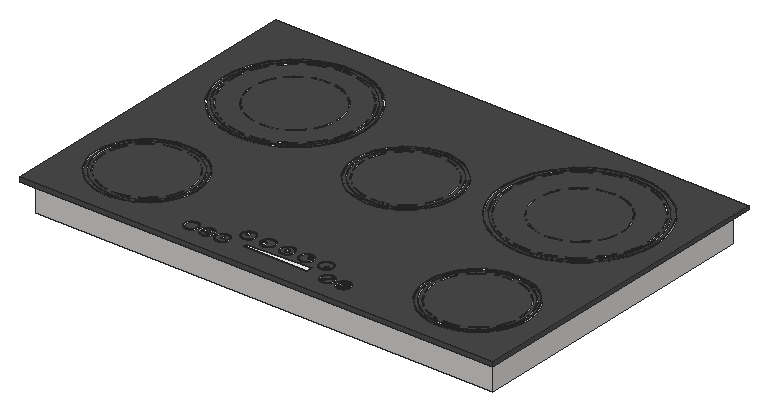
Revit family "QF_Summit_CR5B30T7B_Electric Cooktop", category Specialty Equipment, Revit 2020 (continued)
Automatic sketch dimensions
  plane 8 "Center X" to Extrusion 2 sketch curve = 0.35989"
  Extrusion 2 sketch curve to plane 7 "Center Y" = 0.41879"
  Extrusion 2 sketch curve to plane 8 "Center X" = 0.64087"
  Extrusion 2 sketch curve to Extrusion 2 sketch curve = 0.33695"  (x2)
  Extrusion 2 sketch curve to plane 8 "Center X" = 0.6677"
  Extrusion 2 sketch curve to Extrusion 2 sketch curve = 0.01601"
  plane 7 "Center Y" to Extrusion 2 sketch curve = 0.96539"
  plane 7 "Center Y" to Extrusion 2 sketch curve = 0.01071"
  Extrusion 2 sketch curve to plane 8 "Center X" = 0.85707"
  Extrusion 2 sketch curve to Extrusion 2 sketch curve = 0.0293"
  Extrusion 2 sketch curve to plane 8 "Center X" = 0.06624"
  Extrusion 2 sketch curve to plane 8 "Center X" = 0.04406"
  Extrusion 2 sketch curve to plane 8 "Center X" = 0.68519"
  Extrusion 2 sketch curve to plane 8 "Center X" = 0.65815"
  plane 8 "Center X" to Extrusion 2 sketch curve = 1.24555"
  plane 8 "Center X" to Extrusion 2 sketch curve = 1.25085"
  plane 8 "Center X" to Extrusion 2 sketch curve = 0.31449"
  plane 8 "Center X" to Extrusion 2 sketch curve = 0.33027"
  Extrusion 2 sketch curve to Extrusion 2 sketch curve = 0.97968"  (x2)
  Extrusion 2 sketch curve to Extrusion 2 sketch curve = 1.00376"  (x2)
  plane 7 "Center Y" to Extrusion 2 sketch curve = 0.02994"
  Extrusion 2 sketch curve to Extrusion 2 sketch curve = 0.40649"  (x2)
  plane 7 "Center Y" to Extrusion 2 sketch curve = 1.40684"
  Extrusion 2 sketch curve to Extrusion 2 sketch curve = 0.47086"  (x2)
  Extrusion 2 sketch curve to Extrusion 2 sketch curve = 0.01413"  (x2)
  Extrusion 2 sketch curve to Extrusion 2 sketch curve = 1.02966"
  Extrusion 2 sketch curve to Extrusion 2 sketch curve = 0.37991"
  Extrusion 2 sketch curve to Extrusion 2 sketch curve = 0.2284"
  Extrusion 2 sketch curve to Extrusion 2 sketch curve = 0.22211"  (x2)
  Extrusion 2 sketch curve to Extrusion 2 sketch curve = 0.02944"  (x2)
  Extrusion 2 sketch curve to Extrusion 2 sketch curve = 0.41338"  (x2)
  Extrusion 2 sketch curve to plane 12 = 5.48356"
  Extrusion 2 sketch curve to Extrusion 2 sketch curve = 1.84577"
  Extrusion 2 sketch curve to Extrusion 2 sketch curve = 0.20933"
  Extrusion 2 sketch curve to Extrusion 2 sketch curve = 0.32356"
  Extrusion 2 sketch curve to Extrusion 2 sketch curve = 0.03033"
  Extrusion 2 sketch curve to Extrusion 2 sketch curve = 0.19522"
  Extrusion 2 sketch curve to Extrusion 2 sketch curve = 0.02865"
  Extrusion 2 sketch curve to Extrusion 2 sketch curve = 0.27871"
  Extrusion 2 sketch curve to Extrusion 2 sketch curve = 0.02926"
  Extrusion 2 sketch curve to Extrusion 2 sketch curve = 0.02761"
  Extrusion 2 sketch curve to Extrusion 2 sketch curve = 0.03105"
  Extrusion 2 sketch curve to Extrusion 2 sketch curve = 1.51946"
  Extrusion 2 sketch curve to Extrusion 2 sketch curve = 0.01098"
  Extrusion 2 sketch curve to plane 10 = 2.5831"
  Extrusion 2 sketch curve to Extrusion 2 sketch curve = 0.75562"
  Extrusion 2 sketch curve to plane 10 = 2.56292"
  Extrusion 2 sketch curve to Extrusion 2 sketch curve = 0.02386"
  Extrusion 2 sketch curve to plane 10 = 3.46689"
  Extrusion 2 sketch curve to plane 10 = 3.45302"
  Extrusion 2 sketch curve to plane 10 = 1.61686"
  Extrusion 2 sketch curve to Extrusion 2 sketch curve = 1.15671"
  Extrusion 2 sketch curve to plane 10 = 1.58978"
  Extrusion 2 sketch curve to Extrusion 2 sketch curve = 1/64"
  Extrusion 2 sketch curve to plane 10 = 2.23507"
  Extrusion 2 sketch curve to plane 10 = 2.21296"
  Extrusion 2 sketch curve to plane 10 = 1.09417"
  Extrusion 2 sketch curve to Extrusion 2 sketch curve = 1.4509"
  Extrusion 2 sketch curve to plane 10 = 1.06337"
  Extrusion 2 sketch curve to Extrusion 2 sketch curve = 0.00525"
  Extrusion 2 sketch curve to plane 10 = 1.39759"
  Extrusion 2 sketch curve to plane 10 = 1.36895"
  Extrusion 2 sketch curve to plane 10 = 1.07171"
  Extrusion 2 sketch curve to Extrusion 2 sketch curve = 1.5222"
  Extrusion 2 sketch curve to plane 10 = 1.10246"
  Extrusion 2 sketch curve to plane 10 = 1.04045"
  Extrusion 2 sketch curve to plane 10 = 1.00926"
  Extrusion 2 sketch curve to plane 10 = 1.61391"
  Extrusion 2 sketch curve to Extrusion 2 sketch curve = 1.46074"
  Extrusion 2 sketch curve to Extrusion 2 sketch curve = 0.0159"
  Extrusion 2 sketch curve to plane 10 = 1.17956"
  Extrusion 2 sketch curve to plane 10 = 1.20955"
  Extrusion 2 sketch curve to Extrusion 2 sketch curve = 0.00881"
  Extrusion 2 sketch curve to Extrusion 2 sketch curve = 1.16694"
  Extrusion 2 sketch curve to Extrusion 2 sketch curve = 0.02406"
  Extrusion 2 sketch curve to Extrusion 2 sketch curve = 0.35815"
  Extrusion 2 sketch curve to Extrusion 2 sketch curve = 0.02238"  (x2)
  Extrusion 2 sketch curve to Extrusion 2 sketch curve = 0.19741"
  Extrusion 2 sketch curve to plane 12 = 1.33298"
  Extrusion 2 sketch curve to Extrusion 2 sketch curve = 0.29763"
  Extrusion 2 sketch curve to Extrusion 2 sketch curve = 0.026"
  Extrusion 2 sketch curve to Extrusion 2 sketch curve = 0.34736"
  Extrusion 2 sketch curve to Extrusion 2 sketch curve = 0.01734"
  Extrusion 2 sketch curve to Extrusion 2 sketch curve = 0.1639"
  Extrusion 2 sketch curve to Extrusion 2 sketch curve = 0.16933"
  Extrusion 2 sketch curve to Extrusion 2 sketch curve = 0.03042"
  Extrusion 2 sketch curve to Extrusion 2 sketch curve = 0.4627"
  Extrusion 2 sketch curve to Extrusion 2 sketch curve = 0.00152"
  Extrusion 2 sketch curve to Extrusion 2 sketch curve = 0.03104"
  Extrusion 2 sketch curve to Extrusion 2 sketch curve = 0.21075"
  Extrusion 2 sketch curve to Extrusion 2 sketch curve = 0.02932"
  Extrusion 2 sketch curve to Extrusion 2 sketch curve = 0.49233"
  Extrusion 2 sketch curve to Extrusion 2 sketch curve = 0.00363"
  Extrusion 2 sketch curve to Extrusion 2 sketch curve = 0.15379"
  Extrusion 2 sketch curve to Extrusion 2 sketch curve = 0.02803"
  plane 8 "Center X" to Extrusion 2 sketch curve = 1.36218"
  Extrusion 2 sketch curve to Extrusion 2 sketch curve = 0.56594"
  plane 8 "Center X" to Extrusion 2 sketch curve = 1.38435"
  Extrusion 2 sketch curve to Extrusion 2 sketch curve = 0.02217"
  plane 8 "Center X" to Extrusion 2 sketch curve = 1.02088"
  Extrusion 2 sketch curve to Extrusion 2 sketch curve = 0.32279"
  plane 8 "Center X" to Extrusion 2 sketch curve = 1 11/256"
  plane 8 "Center X" to Extrusion 2 sketch curve = 0.39339"
  plane 8 "Center X" to Extrusion 2 sketch curve = 0.42049"
  plane 8 "Center X" to Extrusion 2 sketch curve = 0.18426"
  Extrusion 2 sketch curve to Extrusion 2 sketch curve = 0.39751"
  plane 8 "Center X" to Extrusion 2 sketch curve = 0.21284"
  Extrusion 2 sketch curve to Extrusion 2 sketch curve = 0.01263"
  Extrusion 2 sketch curve to plane 8 "Center X" = 0.12469"
  Extrusion 2 sketch curve to plane 8 "Center X" = 0.09392"
  Extrusion 2 sketch curve to plane 8 "Center X" = 0.149"
  Extrusion 2 sketch curve to Extrusion 2 sketch curve = 0.44241"
  Extrusion 2 sketch curve to plane 8 "Center X" = 0.09403"
  Extrusion 2 sketch curve to plane 8 "Center X" = 0.1248"
  Extrusion 2 sketch curve to Extrusion 2 sketch curve = 0.00543"
  plane 8 "Center X" to Extrusion 2 sketch curve = 0.00709"
  Extrusion 2 sketch curve to Extrusion 2 sketch curve = 0.43933"
  Extrusion 2 sketch curve to plane 8 "Center X" = 0.02297"
  Extrusion 2 sketch curve to Extrusion 2 sketch curve = 0.00857"
  plane 8 "Center X" to Extrusion 2 sketch curve = 53/128"
  plane 8 "Center X" to Extrusion 2 sketch curve = 0.38691"
  plane 8 "Center X" to Extrusion 2 sketch curve = 0.66354"
  Extrusion 2 sketch curve to Extrusion 2 sketch curve = 0.38837"
  plane 8 "Center X" to Extrusion 2 sketch curve = 0.63817"
  Extrusion 2 sketch curve to Extrusion 2 sketch curve = 0.01825"
  plane 8 "Center X" to Extrusion 2 sketch curve = 1.39617"
  plane 8 "Center X" to Extrusion 2 sketch curve = 1.37399"
  plane 8 "Center X" to Extrusion 2 sketch curve = 1.77061"
  Extrusion 2 sketch curve to Extrusion 2 sketch curve = 0.28259"
  plane 8 "Center X" to Extrusion 2 sketch curve = 1.75315"
  Extrusion 2 sketch curve to Extrusion 2 sketch curve = 0.02592"
  plane 8 "Center X" to Extrusion 2 sketch curve = 2.73176"
  plane 8 "Center X" to Extrusion 2 sketch curve = 2.72116"
  Extrusion 2 sketch curve to Extrusion 2 sketch curve = 1.58055"
  plane 8 "Center X" to Extrusion 2 sketch curve = 4.70503"
  plane 8 "Center X" to Extrusion 2 sketch curve = 4.71065"
  Extrusion 2 sketch curve to Extrusion 2 sketch curve = 0.1149"
  plane 8 "Center X" to Extrusion 2 sketch curve = 2.12419"
  Extrusion 2 sketch curve to Extrusion 2 sketch curve = 0.82307"
  plane 8 "Center X" to Extrusion 2 sketch curve = 2.10015"
  plane 8 "Center X" to Extrusion 2 sketch curve = 2.88316"
  plane 8 "Center X" to Extrusion 2 sketch curve = 2.86784"
  Extrusion 2 sketch curve to Extrusion 2 sketch curve = 1.26922"
  Extrusion 2 sketch curve to Extrusion 2 sketch curve = 1.40691"
  Extrusion 2 sketch curve to Extrusion 2 sketch curve = 1.17944"
  Extrusion 2 sketch curve to Extrusion 2 sketch curve = 0.43496"
  Extrusion 2 sketch curve to Extrusion 2 sketch curve = 0.0155"
  Extrusion 2 sketch curve to Extrusion 2 sketch curve = 0.62693"
  Extrusion 2 sketch curve to Extrusion 2 sketch curve = 0.28837"
  Extrusion 2 sketch curve to Extrusion 2 sketch curve = 0.06767"
  Extrusion 2 sketch curve to Extrusion 2 sketch curve = 0.14583"
  Extrusion 2 sketch curve to Extrusion 2 sketch curve = 0.02924"
  Extrusion 2 sketch curve to Extrusion 2 sketch curve = 0.144"
  Extrusion 2 sketch curve to Extrusion 2 sketch curve = 0.6468"
  Extrusion 2 sketch curve to Extrusion 2 sketch curve = 1.18137"
  Extrusion 2 sketch curve to Extrusion 2 sketch curve = 0.02433"
  Extrusion 2 sketch curve to Extrusion 2 sketch curve = 0.31105"
  Extrusion 2 sketch curve to Extrusion 2 sketch curve = 0.92879"
  Extrusion 2 sketch curve to Extrusion 2 sketch curve = 0.00512"
  Extrusion 2 sketch curve to Extrusion 2 sketch curve = 0.59601"
  Extrusion 2 sketch curve to Extrusion 2 sketch curve = 0.38206"
  Extrusion 2 sketch curve to plane 10 = 2.86158"
  Extrusion 2 sketch curve to Extrusion 2 sketch curve = 1.01341"
  Extrusion 2 sketch curve to plane 10 = 2.8323"
  Extrusion 2 sketch curve to plane 10 = 3.04902"
  Extrusion 2 sketch curve to plane 10 = 3.02189"
  Extrusion 2 sketch curve to plane 10 = 3.67913"
  Extrusion 2 sketch curve to plane 10 = 3.65924"
  Extrusion 2 sketch curve to plane 12 = 4.02721"
  Extrusion 2 sketch curve to plane 12 = 0.77721"
  Extrusion 2 sketch curve to Extrusion 2 sketch curve = 0.56726"
  Extrusion 2 sketch curve to Extrusion 2 sketch curve = 2.13783"
  Extrusion 2 sketch curve to Extrusion 2 sketch curve = 0.0089"
  Extrusion 2 sketch curve to Extrusion 2 sketch curve = 0.30898"
  Extrusion 2 sketch curve to Extrusion 2 sketch curve = 0.44536"
  Extrusion 2 sketch curve to Extrusion 2 sketch curve = 0.0053"
  Extrusion 2 sketch curve to Extrusion 2 sketch curve = 0.24103"
  Extrusion 2 sketch curve to Extrusion 2 sketch curve = 0.71347"
  Extrusion 2 sketch curve to Extrusion 2 sketch curve = 0.01567"
  Extrusion 2 sketch curve to Extrusion 2 sketch curve = 0.37433"
  Extrusion 2 sketch curve to Extrusion 2 sketch curve = 0.41133"
  Extrusion 2 sketch curve to Extrusion 2 sketch curve = 0.94381"
  Extrusion 2 sketch curve to plane 9 = 1.72411"
  Extrusion 2 sketch curve to plane 9 = 1.70191"
  Extrusion 2 sketch curve to plane 9 = 2.50315"
  Extrusion 2 sketch curve to plane 9 = 2.48788"
  Extrusion 2 sketch curve to plane 9 = 2.90103"
  Extrusion 2 sketch curve to plane 9 = 2.89029"
  Extrusion 2 sketch curve to Extrusion 2 sketch curve = 0.37929"
  Extrusion 2 sketch curve to plane 9 = 4.30796"
  Extrusion 2 sketch curve to Extrusion 2 sketch curve = 0.03919"
  Extrusion 2 sketch curve to plane 9 = 4.31324"
  Extrusion 2 sketch curve to Extrusion 2 sketch curve = 1.41554"
  curve 5 to curve 7 = 0"  (x2)
  curve 5 to curve 9 = 0"  (x2)
  curve 5 to curve 11 = 0"  (x2)
  curve 5 to curve 13 = 0"  (x2)
  curve 5 to curve 15 = 0"  (x2)
  curve 5 to curve 17 = 0"  (x2)
  curve 5 to curve 19 = 0"  (x2)
  curve 5 to curve 21 = 0"  (x2)
  curve 5 to curve 23 = 0"  (x2)
  curve 5 to curve 25 = 0"  (x2)
  curve 5 to curve 27 = 0"  (x2)
  curve 5 to curve 29 = 0"  (x2)
  curve 5 to curve 31 = 0"  (x2)
  curve 5 to curve 33 = 0"  (x2)
  curve 5 to curve 35 = 0"  (x2)
  curve 5 to curve 37 = 0"  (x2)
  curve 5 to curve 39 = 0"  (x2)
  curve 5 to curve 41 = 0"  (x2)
  curve 5 to curve 43 = 0"  (x2)
  curve 5 to curve 45 = 0"  (x2)
  curve 5 to curve 47 = 0"  (x2)
  curve 5 to curve 49 = 0"  (x2)
  curve 5 to curve 51 = 0"
  curve 5 to curve 53 = 0"  (x2)
  curve 5 to curve 55 = 0"  (x2)
  curve 5 to curve 57 = 0"  (x2)
  curve 5 to curve 59 = 0"  (x2)
  curve 5 to curve 61 = 0"  (x2)
  curve 5 to curve 63 = 0"  (x2)
  curve 5 to curve 65 = 0"  (x2)
  curve 5 to curve 67 = 0"  (x2)
  curve 5 to curve 69 = 0"  (x2)
  curve 5 to curve 71 = 0"  (x2)
  curve 5 to curve 73 = 0"  (x2)
  curve 5 to curve 75 = 0"  (x2)
  curve 5 to curve 77 = 0"  (x2)
  curve 5 to curve 79 = 0"  (x2)
  curve 5 to curve 81 = 0"
  curve 5 to curve 83 = 0"
  curve 5 to curve 85 = 0"
  curve 5 to curve 87 = 0"
  curve 5 to curve 89 = 0"
  curve 5 to curve 91 = 0"
  curve 5 to curve 93 = 0"
  curve 5 to curve 95 = 0"
  curve 5 to curve 97 = 0"
  curve 5 to curve 99 = 0"
  curve 5 to curve 101 = 0"
  curve 5 to curve 103 = 0"
  curve 5 to curve 105 = 0"
  curve 5 to curve 107 = 0"
  curve 5 to curve 109 = 0"
  curve 5 to curve 111 = 0"
  curve 5 to curve 113 = 0"
  curve 5 to curve 115 = 0"
  curve 5 to curve 117 = 0"
  curve 5 to curve 119 = 0"
  curve 5 to curve 121 = 0"
  curve 5 to curve 123 = 0"
  curve 5 to curve 125 = 0"
  curve 5 to curve 127 = 0"
  curve 79 to curve 123 = 0"
  curve 81 to curve 83 = 0"
  curve 81 to curve 85 = 0"
  curve 81 to curve 87 = 0"
  curve 81 to curve 89 = 0"
  curve 81 to curve 91 = 0"
  curve 81 to curve 93 = 0"
  curve 81 to curve 95 = 0"
  curve 81 to curve 97 = 0"
  curve 81 to curve 99 = 0"
  curve 81 to curve 101 = 0"
  curve 81 to curve 105 = 0"
  curve 81 to curve 107 = 0"
  curve 81 to curve 109 = 0"
  curve 81 to curve 111 = 0"
  curve 81 to curve 113 = 0"
  curve 81 to curve 115 = 0"
  curve 81 to curve 117 = 0"
  curve 81 to curve 119 = 0"
  curve 81 to curve 121 = 0"
  curve 81 to curve 123 = 0"
  curve 81 to curve 125 = 0"
  curve 81 to curve 127 = 0"
  curve 129 to curve 131 = 0"  (x2)
  curve 129 to curve 133 = 0"
  curve 129 to curve 135 = 0"
  curve 129 to curve 137 = 0"
  curve 129 to curve 139 = 0"
  curve 129 to curve 141 = 0"
  curve 129 to curve 143 = 0"
  curve 129 to curve 145 = 0"
  curve 129 to curve 147 = 0"
  curve 129 to curve 149 = 0"
  curve 129 to curve 151 = 0"
  curve 129 to curve 153 = 0"
  curve 129 to curve 155 = 0"
  curve 129 to curve 157 = 0"
  curve 129 to curve 159 = 0"
  curve 129 to curve 161 = 0"
  curve 129 to curve 163 = 0"
  curve 129 to curve 165 = 0"
  curve 129 to curve 167 = 0"
  curve 129 to curve 169 = 0"
  curve 129 to curve 171 = 0"
  curve 129 to curve 173 = 0"
  curve 129 to curve 175 = 0"
  curve 129 to curve 177 = 0"
  curve 129 to curve 179 = 0"
  curve 129 to curve 181 = 0"
  curve 129 to curve 183 = 0"
  curve 129 to curve 185 = 0"
  curve 129 to curve 187 = 0"
  curve 129 to curve 189 = 0"
  curve 129 to curve 191 = 0"
  curve 129 to curve 193 = 0"
  curve 129 to curve 195 = 0"
  curve 129 to curve 197 = 0"
  curve 129 to curve 199 = 0"
  curve 129 to curve 201 = 0"
  curve 129 to curve 203 = 0"
  curve 129 to curve 205 = 0"
  curve 129 to curve 207 = 0"
  curve 129 to curve 209 = 0"  (x2)
  curve 129 to curve 211 = 0"  (x2)
  curve 129 to curve 213 = 0"  (x2)
  curve 129 to curve 215 = 0"  (x2)
  curve 129 to curve 217 = 0"  (x2)
  curve 129 to curve 219 = 0"  (x2)
  curve 129 to curve 221 = 0"  (x2)
  curve 129 to curve 223 = 0"  (x2)
  curve 129 to curve 225 = 0"  (x2)
  curve 129 to curve 227 = 0"  (x2)
  curve 129 to curve 229 = 0"  (x2)
  curve 129 to curve 231 = 0"
  curve 129 to curve 233 = 0"  (x2)
  curve 129 to curve 235 = 0"  (x2)
  curve 129 to curve 237 = 0"  (x2)
  curve 129 to curve 239 = 0"  (x2)
  curve 129 to curve 241 = 0"  (x2)
  curve 129 to curve 243 = 0"  (x2)
  curve 129 to curve 245 = 0"  (x2)
  curve 129 to curve 247 = 0"  (x2)
  curve 129 to curve 249 = 0"  (x2)
  curve 129 to curve 251 = 0"  (x2)
  curve 129 to curve 253 = 0"  (x2)
  curve 129 to curve 255 = 0"  (x2)
  curve 133 to curve 135 = 0"
  curve 133 to curve 137 = 0"
  curve 133 to curve 139 = 0"
  curve 133 to curve 141 = 0"
  curve 133 to curve 143 = 0"
  curve 133 to curve 145 = 0"
  curve 133 to curve 147 = 0"
  curve 133 to curve 149 = 0"
  curve 133 to curve 151 = 0"
  curve 133 to curve 153 = 0"
  curve 133 to curve 155 = 0"
  curve 133 to curve 157 = 0"
  curve 133 to curve 159 = 0"
  curve 133 to curve 161 = 0"
  curve 133 to curve 163 = 0"
  curve 133 to curve 165 = 0"
  curve 133 to curve 167 = 0"
  curve 133 to curve 169 = 0"
  curve 133 to curve 171 = 0"
  curve 133 to curve 173 = 0"
  curve 133 to curve 175 = 0"
  curve 133 to curve 177 = 0"
  curve 133 to curve 179 = 0"
  curve 133 to curve 181 = 0"
  curve 133 to curve 183 = 0"
  curve 133 to curve 185 = 0"
  curve 133 to curve 187 = 0"
  curve 133 to curve 189 = 0"
  curve 133 to curve 191 = 0"
  curve 133 to curve 193 = 0"
  curve 133 to curve 195 = 0"
  curve 133 to curve 197 = 0"
  curve 133 to curve 199 = 0"
  curve 133 to curve 201 = 0"
  curve 133 to curve 203 = 0"
  curve 133 to curve 205 = 0"
  curve 133 to curve 207 = 0"
  curve 207 to curve 253 = 0"
  curve 257 to curve 259 = 0"  (x2)
  curve 257 to curve 261 = 0"  (x2)
  curve 257 to curve 263 = 0"  (x2)
  curve 257 to curve 265 = 0"  (x2)
  curve 257 to curve 267 = 0"  (x2)
  curve 257 to curve 269 = 0"  (x2)
  curve 257 to curve 271 = 0"  (x2)
  curve 257 to curve 273 = 0"  (x2)
  curve 257 to curve 275 = 0"  (x2)
  curve 257 to curve 277 = 0"  (x2)
  curve 257 to curve 279 = 0"  (x2)
  curve 257 to curve 281 = 0"  (x2)
  curve 257 to curve 283 = 0"  (x2)
  curve 257 to curve 285 = 0"  (x2)
  curve 257 to curve 287 = 0"  (x2)
  curve 287 to curve 311 = 0"  (x2)
  curve 289 to curve 311 = 0"  (x2)
  curve 291 to curve 311 = 0"  (x2)
  curve 293 to curve 311 = 0"  (x2)
  curve 295 to curve 311 = 0"  (x2)
  curve 297 to curve 311 = 0"  (x2)
  curve 299 to curve 311 = 0"  (x2)
  curve 301 to curve 311 = 0"  (x2)
  curve 303 to curve 311 = 0"  (x2)
  curve 305 to curve 311 = 0"  (x2)
  curve 307 to curve 311 = 0"  (x2)
  curve 309 to curve 311 = 0"  (x2)
  curve 314 to curve 367 = 0"  (x2)
  curve 316 to curve 367 = 0"  (x2)
  curve 318 to curve 367 = 0"  (x2)
  curve 320 to curve 367 = 0"  (x2)
  curve 321 to curve 367 = 0"  (x2)
  curve 323 to curve 367 = 0"  (x2)
  curve 325 to curve 367 = 0"  (x2)
  curve 327 to curve 367 = 0"  (x2)
  curve 329 to curve 367 = 0"  (x2)
  curve 331 to curve 367 = 0"  (x2)
  curve 333 to curve 367 = 0"  (x2)
  curve 335 to curve 367 = 0"  (x2)
  curve 337 to curve 367 = 0"  (x2)
  curve 339 to curve 367 = 0"  (x2)
  curve 341 to curve 367 = 0"  (x2)
  curve 343 to curve 367 = 0"  (x2)
  curve 345 to curve 367 = 0"  (x2)
  curve 347 to curve 367 = 0"  (x2)
  curve 349 to curve 367 = 0"  (x2)
  curve 351 to curve 367 = 0"  (x2)
  curve 353 to curve 367 = 0"  (x2)
  curve 355 to curve 367 = 0"  (x2)
  curve 357 to curve 367 = 0"  (x2)
  curve 359 to curve 367 = 0"  (x2)
  curve 361 to curve 367 = 0"  (x2)
  curve 363 to curve 367 = 0"  (x2)
  curve 365 to curve 367 = 0"  (x2)
  curve 370 to curve 423 = 0"  (x2)
  curve 372 to curve 423 = 0"  (x2)
  curve 374 to curve 423 = 0"  (x2)
  curve 376 to curve 423 = 0"  (x2)
  curve 377 to curve 423 = 0"  (x2)
  curve 379 to curve 423 = 0"  (x2)
  curve 381 to curve 423 = 0"  (x2)
  curve 383 to curve 423 = 0"  (x2)
  curve 385 to curve 423 = 0"  (x2)
  curve 387 to curve 423 = 0"  (x2)
  curve 389 to curve 423 = 0"  (x2)
  curve 391 to curve 423 = 0"  (x2)
  curve 393 to curve 423 = 0"  (x2)
  curve 395 to curve 423 = 0"  (x2)
  curve 397 to curve 423 = 0"  (x2)
  curve 399 to curve 423 = 0"  (x2)
  curve 401 to curve 423 = 0"  (x2)
  curve 403 to curve 423 = 0"  (x2)
  curve 405 to curve 423 = 0"  (x2)
  curve 407 to curve 423 = 0"  (x2)
  curve 409 to curve 423 = 0"  (x2)
  curve 411 to curve 423 = 0"  (x2)
  curve 413 to curve 423 = 0"  (x2)
  curve 415 to curve 423 = 0"  (x2)
  curve 417 to curve 423 = 0"  (x2)
  curve 419 to curve 423 = 0"  (x2)
  curve 421 to curve 423 = 0"  (x2)
  curve 1 to plane 3 "LEFT" = 0"
  curve 299 to plane 7 "Center Y" = 0"
  curve 2 to plane 4 "RIGHT" = 0"
  plane 5 "FRONT" to curve 1 = 0"
  plane 1 "BACK" to curve 4 = 0"
  curve 328 to plane 11 = 1.25139"
  curve 325 to curve 328 = 1/32"
  curve 328 to curve 322 = 0.00839"
  curve 321 to curve 322 = 0.0308"
  curve 327 to curve 326 = 0.13763"
  curve 325 to curve 326 = 0.02935"
  curve 18 to plane 11 = 1.46518"
  curve 17 to curve 18 = 0.03131"
  curve 19 to curve 16 = 0.03084"
  curve 18 to curve 20 = 0.0414"
  curve 13 to curve 16 = 0.03071"
  curve 17 to curve 20 = 0.03063"
  curve 327 to curve 332 = 0.15555"
  curve 332 to curve 332 = 0.02726"
  curve 322 to curve 324 = 0.31317"
  curve 19 to curve 22 = 0.08434"
  curve 321 to curve 324 = 0.02693"
  curve 22 to curve 22 = 0.02974"
  curve 15 to curve 14 = 0.28425"
  curve 13 to curve 14 = 0.02828"
  curve 323 to curve 366 = 0.22941"
  curve 365 to curve 366 = 0.02404"
  curve 15 to curve 80 = 0.19209"
  curve 23 to curve 24 = 0.40541"
  curve 77 to curve 80 = 0.02659"
  curve 21 to curve 24 = 0.02639"
  curve 330 to plane 9 = 1.70191"
  curve 331 to curve 330 = 0.62951"
  curve 329 to curve 330 = 0.0222"  (x2)
  curve 23 to curve 26 = 0.23139"
  curve 26 to curve 26 = 0.02441"
  curve 331 to curve 336 = 0.32095"
  curve 333 to curve 336 = 0.01601"
  curve 366 to curve 368 = 0.71045"
  curve 365 to curve 368 = 0.01578"
  plane 8 "Center X" to curve 78 = 1.27756"
  curve 79 to curve 78 = 0.62674"
  plane 8 "Center X" to curve 78 = 1.29966"
  curve 77 to curve 78 = 0.0221"
  curve 19 to curve 128 = 1.27517"
  curve 125 to curve 128 = 0.03131"
  curve 128 to curve 82 = 0.00828"
  curve 81 to curve 82 = 0.03074"
  curve 127 to curve 126 = 0.12451"
  curve 125 to curve 126 = 0.02942"
  curve 367 to curve 362 = 0.42666"
  curve 361 to curve 362 = 0.01079"
  plane 8 "Center X" to curve 76 = 0.96768"
  curve 79 to curve 76 = 0.34417"
  plane 8 "Center X" to curve 76 = 0.99268"
  curve 73 to curve 76 = 0.01874"
  curve 26 to curve 28 = 0.73165"
  curve 127 to curve 124 = 0.16275"
  curve 28 to plane 10 = 2.17091"
  curve 28 to curve 28 = 0.01859"
  curve 121 to curve 124 = 0.02724"
  curve 83 to curve 84 = 0.30568"
  curve 81 to curve 84 = 0.02692"
  curve 83 to curve 86 = 0.22019"
  curve 85 to curve 86 = 0.02411"
  curve 30 to plane 10 = 1.88476"
  curve 27 to curve 30 = 0.38141"
  curve 30 to plane 10 = 1.91189"
  curve 29 to curve 30 = 0.01551"
  curve 334 to plane 9 = 1.10086"
  curve 335 to curve 334 = 0.98255"
  curve 334 to plane 9 = 1.13174"
  curve 334 to curve 334 = 0.00477"
  plane 8 "Center X" to curve 122 = 2.10015"
  curve 123 to curve 122 = 0.61312"
  plane 8 "Center X" to curve 122 = 2.12419"
  curve 121 to curve 122 = 0.01996"
  plane 8 "Center X" to curve 74 = 0.45175"
  curve 75 to curve 74 = 0.89654"
  plane 8 "Center X" to curve 74 = 0.48073"
  curve 334 to curve 333 = 0.41879"
  curve 335 to curve 340 = 0.42951"
  curve 362 to curve 364 = 0.97809"
  plane 8 "Center X" to curve 120 = 1.85084"
  curve 123 to curve 120 = 0.33367"
  plane 8 "Center X" to curve 120 = 1.87772"
  curve 117 to curve 120 = 0.01594"
  curve 88 to plane 10 = 3.02189"
  curve 86 to curve 88 = 0.7319"
  curve 88 to curve 88 = 0.01552"
  plane 8 "Center X" to curve 72 = 0.31367"
  curve 75 to curve 72 = 0.38987"
  plane 8 "Center X" to curve 72 = 0.34372"
  curve 72 to curve 72 = 0.0086"
  curve 32 to plane 10 = 1.49876"
  curve 30 to curve 32 = 0.90867"
  curve 32 to plane 10 = 1.52886"
  curve 364 to curve 358 = 0.46522"
  curve 358 to curve 358 = 0.00564"
  curve 87 to curve 90 = 0.38892"
  curve 90 to curve 90 = 0.01092"
  curve 34 to plane 10 = 1.39637"
  curve 31 to curve 34 = 0.46739"
  curve 34 to plane 10 = 1.42726"
  curve 34 to curve 34 = 0.00473"
  curve 338 to plane 9 = 1.27092"
  curve 339 to curve 338 = 0.94381"
  curve 338 to plane 9 = 1.24163"
  curve 339 to curve 338 = 0.01087"
  plane 8 "Center X" to curve 118 = 1.50707"
  plane 8 "Center X" to curve 118 = 1.53785"
  curve 344 to plane 9 = 1.46984"
  curve 339 to curve 344 = 0.4222"
  curve 358 to curve 360 = 0.89585"
  curve 344 to plane 9 = 1.44281"
  curve 343 to curve 344 = 0.01567"
  curve 360 to curve 360 = 0.01584"
  plane 8 "Center X" to curve 70 = 0.18841"
  curve 119 to curve 116 = 0.44804"
  curve 91 to curve 92 = 1.01341"
  curve 359 to curve 354 = 0.35772"
  curve 355 to curve 354 = 0.0222"
  plane 8 "Center X" to curve 68 = 0.20528"
  curve 71 to curve 68 = 0.41987"
  plane 8 "Center X" to curve 68 = 0.17417"
  curve 68 to curve 68 = 0.00288"
  curve 36 to plane 10 = 1.4049"
  curve 36 to plane 10 = 1.37384"
  curve 94 to plane 10 = 2.7268"
  curve 91 to curve 94 = 0.38206"
  curve 94 to plane 10 = 2.69597"
  curve 95 to curve 94 = 0.00512"
  curve 342 to plane 9 = 2.08393"
  curve 343 to curve 342 = 0.72914"
  curve 342 to plane 9 = 2.06175"
  curve 38 to plane 10 = 1.47204"
  curve 35 to curve 38 = 0.41256"
  curve 38 to plane 10 = 1.4415"
  curve 38 to curve 38 = 0.00661"
  curve 348 to plane 9 = 2.45826"
  curve 343 to curve 348 = 0.26321"
  curve 354 to curve 356 = 0.64469"
  curve 348 to plane 9 = 2.44248"
  curve 347 to curve 348 = 0.02697"
  plane 8 "Center X" to curve 114 = 1.66104"
  curve 115 to curve 114 = 0.94818"
  curve 355 to curve 356 = 0.02725"
  plane 8 "Center X" to curve 114 = 1.63167"
  curve 115 to curve 114 = 0.01068"
  curve 355 to curve 350 = 0.19267"
  curve 351 to curve 350 = 0.02944"
  curve 346 to plane 9 = 3.37884"
  curve 346 to plane 9 = 3.37354"
  curve 347 to curve 352 = 0.0397"
  curve 351 to curve 352 = 1/32"
  plane 8 "Center X" to curve 112 = 1.85537"
  curve 115 to curve 112 = 0.41946"
  plane 8 "Center X" to curve 112 = 1.82823"
  curve 112 to curve 112 = 0.0155"
  curve 96 to plane 10 = 3.06584"
  curve 96 to plane 10 = 3.03891"
  plane 8 "Center X" to curve 66 = 0.44771"
  plane 8 "Center X" to curve 66 = 0.41847"
  curve 98 to plane 10 = 3.29198"
  curve 95 to curve 98 = 0.3269"
  curve 98 to plane 10 = 3.26764"
  curve 99 to curve 98 = 0.01961"
  plane 8 "Center X" to curve 64 = 0.61404"
  curve 67 to curve 64 = 0.38009"
  plane 8 "Center X" to curve 64 = 0.58609"
  curve 63 to curve 64 = 0.01399"
  curve 40 to plane 10 = 1.82914"
  curve 40 to plane 10 = 1.80136"
  plane 8 "Center X" to curve 110 = 2.47282"
  plane 8 "Center X" to curve 110 = 2.45063"
  curve 42 to plane 10 = 2.06745"
  curve 39 to curve 42 = 0.40266"
  curve 42 to plane 10 = 2.04153"
  curve 43 to curve 42 = 0.01745"
  plane 8 "Center X" to curve 108 = 2.84492"
  curve 111 to curve 108 = 0.26138"
  curve 100 to plane 10 = 4.08096"
  plane 8 "Center X" to curve 108 = 2.82916"
  curve 107 to curve 108 = 0.02698"
  curve 100 to plane 10 = 4.0657"
  curve 100 to curve 102 = 0.17127"
  curve 103 to curve 102 = 0.02924"
  plane 8 "Center X" to curve 62 = 1.17565"
  plane 8 "Center X" to curve 62 = 1.15349"
  plane 8 "Center X" to curve 106 = 3.77266"
  plane 8 "Center X" to curve 106 = 3.76756"
  curve 107 to curve 104 = 0.03642"
  curve 103 to curve 104 = 1/32"
  plane 8 "Center X" to curve 60 = 1.50099"
  curve 63 to curve 60 = 0.33335"
  curve 44 to plane 10 = 2.69784"
  plane 8 "Center X" to curve 60 = 1.47887"
  curve 59 to curve 60 = 0.02212"
  curve 44 to plane 10 = 2.67572"
  curve 44 to curve 46 = 0.29386"
  curve 47 to curve 46 = 0.02539"
  plane 8 "Center X" to curve 58 = 2.32387"
  plane 8 "Center X" to curve 58 = 2.30919"
  curve 59 to curve 56 = 0.19913"
  curve 46 to curve 48 = 0.48783"
  curve 55 to curve 56 = 0.02913"
  curve 47 to curve 48 = 0.02918"
  curve 48 to curve 50 = 0.14108"
  curve 51 to curve 50 = 0.03027"
  plane 8 "Center X" to curve 54 = 3.76773"
  curve 55 to curve 54 = 0.24798"
  curve 55 to curve 52 = 0.02504"
  plane 8 "Center X" to curve 54 = 3.76425"
  curve 55 to curve 54 = 0.03106"
  curve 51 to curve 52 = 1/32"
  plane 8 "Center X" to curve 268 = 1.75206"
  curve 53 to curve 268 = 2.5486"
  curve 265 to curve 268 = 1/32"
  curve 268 to curve 270 = 0.00839"
  curve 269 to curve 270 = 0.0308"
  plane 8 "Center X" to curve 266 = 0.7623"
  curve 267 to curve 266 = 0.13763"
  plane 8 "Center X" to curve 266 = 0.77304"
  plane 8 "Center X" to curve 310 = 0.35989"
  curve 267 to curve 310 = 0.15555"
  plane 8 "Center X" to curve 310 = 0.37516"
  curve 311 to curve 310 = 0.02726"
  curve 271 to curve 272 = 0.31317"
  curve 269 to curve 272 = 0.02693"
  curve 271 to curve 274 = 0.22941"
  curve 273 to curve 274 = 0.02404"
  curve 312 to plane 8 "Center X" = 0.42608"
  curve 312 to plane 8 "Center X" = 0.40388"
  curve 306 to plane 8 "Center X" = 0.6677"
  curve 309 to curve 306 = 0.32095"
  curve 306 to plane 8 "Center X" = 0.64087"
  curve 307 to curve 306 = 0.01601"
  curve 274 to curve 276 = 0.71045"
  curve 273 to curve 276 = 0.01578"
  curve 275 to curve 278 = 0.42666"
  curve 277 to curve 278 = 0.01079"
  curve 308 to plane 7 "Center Y" = 0.42356"
  curve 307 to curve 308 = 0.00477"
  plane 7 "Center Y" to curve 302 = 0.01071"
  plane 7 "Center Y" to curve 280 = 0.02994"
  curve 279 to curve 282 = 0.46522"
  curve 283 to curve 282 = 0.00564"
  plane 7 "Center Y" to curve 304 = 0.95452"
  curve 301 to curve 304 = 0.01087"
  curve 298 to plane 8 "Center X" = 0.65815"
  curve 301 to curve 298 = 0.4222"
  curve 283 to curve 284 = 0.89585"
  curve 298 to plane 8 "Center X" = 0.68519"
  curve 297 to curve 298 = 0.01567"
  curve 283 to curve 284 = 0.01584"
  curve 283 to curve 288 = 0.35772"
  curve 285 to curve 288 = 0.0222"
  curve 300 to plane 8 "Center X" = 0.04406"
  curve 300 to plane 8 "Center X" = 0.06624"
  plane 8 "Center X" to curve 294 = 0.33027"
  curve 297 to curve 294 = 0.26321"
  curve 288 to curve 286 = 0.64469"
  plane 8 "Center X" to curve 294 = 0.31449"
  curve 293 to curve 294 = 0.02697"
  curve 285 to curve 286 = 0.02725"
  curve 285 to curve 292 = 0.19267"
  curve 289 to curve 292 = 0.02944"
  plane 8 "Center X" to curve 296 = 1.25085"
  plane 8 "Center X" to curve 296 = 1.24555"
  curve 293 to curve 290 = 0.0397"
  curve 289 to curve 290 = 1/32"
  curve 287 to curve 140 = 2.31282"
  curve 137 to curve 142 = 0.02781"
  curve 137 to curve 140 = 1/32"
  curve 142 to curve 142 = 0.03105"
  plane 8 "Center X" to curve 138 = 3.15614"
  curve 139 to curve 138 = 0.09801"
  plane 8 "Center X" to curve 138 = 3.16365"
  curve 139 to curve 208 = 13/128"
  curve 144 to plane 10 = 3.86074"
  curve 143 to curve 144 = 0.22183"
  curve 205 to curve 208 = 0.0294"
  curve 144 to plane 10 = 3.87171"
  curve 144 to curve 144 = 0.02926"
  curve 143 to curve 148 = 0.1476"
  curve 148 to curve 148 = 0.02801"
  plane 8 "Center X" to curve 206 = 1.75315"
  curve 207 to curve 206 = 0.46165"
  plane 8 "Center X" to curve 206 = 1.77061"
  curve 206 to curve 206 = 0.02592"
  plane 8 "Center X" to curve 204 = 1.37399"
  curve 207 to curve 204 = 0.26041"
  curve 146 to plane 10 = 2.56292"
  curve 148 to curve 146 = 0.55615"
  plane 8 "Center X" to curve 204 = 1.39617"
  curve 204 to curve 204 = 0.02218"
  curve 146 to plane 10 = 2.5831"
  curve 146 to curve 146 = 0.02386"
  curve 145 to curve 150 = 0.30639"
  curve 149 to curve 150 = 0.0221"
  curve 139 to curve 256 = 1.63193"
  curve 256 to curve 256 = 0.03131"
  curve 256 to curve 250 = 0.00828"
  curve 250 to curve 250 = 0.03074"
  plane 8 "Center X" to curve 254 = 3.28889"
  curve 255 to curve 254 = 0.12451"
  plane 8 "Center X" to curve 202 = 0.63817"
  curve 203 to curve 202 = 0.77257"
  plane 8 "Center X" to curve 254 = 3.29942"
  curve 254 to curve 254 = 0.02942"
  plane 8 "Center X" to curve 202 = 0.66354"
  plane 8 "Center X" to curve 212 = 2.86784"
  curve 255 to curve 212 = 0.16275"
  plane 8 "Center X" to curve 212 = 2.88316"
  curve 212 to curve 212 = 0.02724"
  curve 252 to plane 10 = 4.01189"
  curve 250 to curve 252 = 0.30568"
  curve 252 to plane 10 = 4.02776"
  curve 252 to curve 252 = 0.02692"
  curve 152 to plane 10 = 1.58978"
  curve 150 to curve 152 = 0.8126"
  curve 152 to plane 10 = 1.61686"
  curve 149 to curve 152 = 1/64"
  plane 8 "Center X" to curve 200 = 0.38691"
  curve 203 to curve 200 = 0.37289"
  plane 8 "Center X" to curve 200 = 53/128"
  curve 200 to curve 200 = 0.01548"
  curve 252 to curve 246 = 0.22019"
  curve 245 to curve 246 = 0.02411"
  curve 154 to plane 10 = 1.36895"
  curve 152 to curve 154 = 0.42213"
  plane 8 "Center X" to curve 210 = 2.10015"
  curve 154 to plane 10 = 1.39759"
  curve 153 to curve 154 = 0.0125"
  plane 8 "Center X" to curve 210 = 2.12419"
  plane 8 "Center X" to curve 216 = 1.85084"
  curve 211 to curve 216 = 0.33367"
  plane 8 "Center X" to curve 216 = 1.87772"
  curve 216 to curve 216 = 0.01594"
  curve 248 to plane 10 = 3.02189"
  curve 246 to curve 248 = 0.7319"
  curve 248 to plane 10 = 3.04902"
  curve 245 to curve 248 = 0.01552"
  curve 384 to plane 9 = 3.88005"
  curve 197 to curve 384 = 0.86405"
  curve 381 to curve 384 = 1/32"
  curve 384 to curve 378 = 0.00839"
  curve 377 to curve 378 = 0.0308"
  curve 198 to plane 8 "Center X" = 0.02297"
  plane 8 "Center X" to curve 198 = 0.00709"
  curve 382 to plane 9 = 2.89029"
  curve 383 to curve 382 = 0.13763"
  curve 382 to plane 9 = 2.90103"
  curve 383 to curve 388 = 0.15555"
  curve 242 to plane 10 = 2.8323"
  curve 247 to curve 242 = 0.38892"
  curve 242 to plane 10 = 2.86158"
  curve 241 to curve 242 = 0.01092"
  curve 385 to curve 388 = 0.02726"
  curve 380 to plane 8 "Center X" = 4.37212"
  curve 379 to curve 380 = 0.31317"
  curve 380 to plane 8 "Center X" = 4.38797"
  curve 377 to curve 380 = 0.02693"
  curve 196 to plane 8 "Center X" = 0.1248"
  curve 199 to curve 196 = 0.4339"
  curve 196 to plane 8 "Center X" = 0.09403"
  curve 196 to curve 196 = 0.00543"
  curve 156 to plane 10 = 1.06337"
  curve 156 to plane 10 = 1.09417"
  curve 379 to curve 422 = 0.22941"
  curve 421 to curve 422 = 0.02404"
  plane 8 "Center X" to curve 214 = 1.50707"
  plane 8 "Center X" to curve 214 = 1.53785"
  curve 386 to plane 9 = 1.70191"
  curve 388 to curve 386 = 0.62951"
  curve 386 to plane 9 = 1.72411"
  curve 385 to curve 386 = 0.0222"
  curve 158 to plane 10 = 1.00926"
  curve 155 to curve 158 = 0.46186"
  curve 158 to plane 10 = 1.04045"
  curve 157 to curve 158 = 0.00193"
  curve 215 to curve 220 = 0.44804"
  curve 392 to plane 9 = 1.46029"
  curve 386 to curve 392 = 0.32095"
  curve 392 to plane 9 = 1.48712"
  curve 389 to curve 392 = 0.01601"
  curve 424 to plane 8 "Center X" = 3.38422"
  curve 423 to curve 424 = 0.71045"
  curve 242 to curve 244 = 1.01341"
  curve 424 to plane 8 "Center X" = 3.41119"
  curve 421 to curve 424 = 0.01578"
  curve 194 to plane 8 "Center X" = 0.149"
  curve 243 to curve 238 = 0.38206"
  curve 238 to curve 238 = 0.00512"
  curve 423 to curve 418 = 0.42666"
  curve 418 to curve 418 = 0.01079"
  curve 192 to plane 8 "Center X" = 0.09392"
  curve 195 to curve 192 = 0.44241"
  curve 192 to plane 8 "Center X" = 0.12469"
  curve 191 to curve 192 = 0.00544"
  curve 160 to plane 10 = 1.10246"
  curve 160 to plane 10 = 1.07171"
  plane 8 "Center X" to curve 218 = 1.66104"
  curve 219 to curve 218 = 0.94818"
  plane 8 "Center X" to curve 218 = 1.63167"
  curve 219 to curve 218 = 0.01068"
  curve 390 to plane 9 = 1.10086"
  curve 391 to curve 390 = 0.98255"
  curve 390 to plane 9 = 1.13174"
  curve 162 to plane 10 = 1.20955"
  curve 160 to curve 162 = 0.4519"
  curve 162 to plane 10 = 1.17956"
  curve 162 to curve 162 = 0.00881"
  plane 8 "Center X" to curve 224 = 1.85537"
  curve 219 to curve 224 = 0.41946"
  plane 8 "Center X" to curve 224 = 1.82823"
  curve 224 to curve 224 = 0.0155"
  curve 238 to curve 240 = 0.9339"
  curve 240 to curve 240 = 0.01585"
  curve 391 to curve 396 = 0.42951"
  curve 419 to curve 420 = 0.97809"
  curve 239 to curve 234 = 0.3269"
  curve 235 to curve 234 = 0.01961"
  plane 8 "Center X" to curve 190 = 0.21284"
  plane 8 "Center X" to curve 190 = 0.18426"
  curve 419 to curve 414 = 0.46522"
  curve 415 to curve 414 = 0.00564"
  plane 8 "Center X" to curve 222 = 2.47282"
  plane 8 "Center X" to curve 222 = 2.45063"
  plane 8 "Center X" to curve 188 = 0.42049"
  curve 191 to curve 188 = 105/256"
  plane 8 "Center X" to curve 188 = 0.39339"
  curve 187 to curve 188 = 0.01556"
  curve 164 to plane 10 = 1.64081"
  curve 164 to plane 10 = 1.61391"
  curve 223 to curve 228 = 0.26138"
  curve 235 to curve 236 = 0.6664"
  curve 227 to curve 228 = 0.02698"
  curve 236 to curve 236 = 0.02727"
  curve 394 to plane 9 = 1.27092"
  curve 395 to curve 394 = 0.94381"
  curve 394 to plane 9 = 1.24163"
  curve 394 to curve 394 = 0.01087"
  curve 236 to curve 230 = 0.17127"
  curve 163 to curve 166 = 0.33577"
  curve 230 to curve 230 = 0.02924"
  curve 166 to curve 166 = 0.02238"
  curve 227 to curve 226 = 0.33471"
  curve 226 to curve 226 = 0.03083"
  curve 227 to curve 232 = 0.03642"
  curve 232 to curve 232 = 1/32"
  curve 395 to curve 400 = 0.4222"
  curve 414 to curve 416 = 0.89585"
  curve 400 to curve 400 = 0.01567"
  curve 415 to curve 416 = 0.01584"
  plane 8 "Center X" to curve 186 = 1 11/256"
  plane 8 "Center X" to curve 186 = 1.02088"
  curve 416 to curve 410 = 0.35772"
  curve 411 to curve 410 = 0.0222"
  curve 187 to curve 184 = 0.32273"
  curve 183 to curve 184 = 0.02217"
  curve 165 to curve 168 = 0.78474"
  curve 168 to curve 168 = 0.02406"
  curve 399 to curve 398 = 0.72914"
  curve 398 to curve 398 = 0.02218"
  curve 167 to curve 170 = 0.27163"
  curve 170 to curve 170 = 0.026"
  curve 399 to curve 404 = 0.26321"
  curve 410 to curve 412 = 0.64469"
  curve 403 to curve 404 = 0.02697"
  curve 411 to curve 412 = 0.02725"
  curve 183 to curve 182 = 0.58811"
  curve 183 to curve 182 = 0.02803"
  curve 412 to curve 406 = 0.19267"
  curve 407 to curve 406 = 0.02944"
  curve 183 to curve 180 = 0.18182"
  curve 170 to curve 172 = 0.47994"
  curve 180 to curve 180 = 0.02932"
  curve 171 to curve 172 = 0.02942"
  curve 403 to curve 402 = 43/128"
  curve 403 to curve 402 = 0.0308"
  curve 403 to curve 408 = 0.0397"
  curve 407 to curve 408 = 1/32"
  curve 171 to curve 174 = 0.13892"
  curve 174 to curve 174 = 0.03042"
  curve 179 to curve 178 = 0.24008"
  curve 179 to curve 176 = 0.02952"
  curve 178 to curve 178 = 0.03104"
  curve 175 to curve 176 = 1/32"
  curve 395 to curve 400 = 11/64"
  curve 397 to curve 400 = 0.02703"
  curve 399 to curve 404 = 0.35855"
  curve 404 to curve 404 = 0.01578"
  curve 332 to curve 326 = 0.38714"
  curve 352 to curve 320 = 0.02021"
  curve 408 to curve 376 = 0.02021"
  curve 328 to curve 322 = 0.42791"
  curve 322 to curve 322 = 0.00528"
  curve 351 to curve 356 = 0.42385"
  curve 407 to curve 412 = 0.42385"
  curve 355 to curve 356 = 0.0153"
  curve 411 to curve 412 = 0.0153"
  curve 323 to curve 366 = 0.36071"
  curve 366 to curve 366 = 0.01996"
  curve 355 to curve 360 = 0.2506"
  curve 411 to curve 416 = 0.2506"
  curve 415 to curve 416 = 0.02694"
  curve 360 to curve 360 = 0.02694"
  curve 367 to curve 362 = 0.20644"
  curve 423 to curve 418 = 0.20644"
  curve 362 to curve 362 = 0.02933"
  curve 419 to curve 418 = 0.02933"
  curve 302 to curve 305 = 0.06337"
  curve 302 to curve 302 = 1/32"
  curve 185 to curve 184 = 0.3413"
  curve 184 to curve 184 = 0.02217"
  curve 290 to curve 264 = 0.02021"
  curve 268 to curve 270 = 0.42791"
  curve 270 to curve 270 = 0.00528"
  curve 80 to curve 14 = 0.39065"
  curve 13 to curve 14 = 0.01329"
  curve 183 to curve 180 = 0.41272"
  curve 177 to curve 180 = 0.0108"
  curve 223 to curve 228 = 0.35634"
  curve 228 to curve 228 = 0.01576"
  curve 289 to curve 286 = 0.42385"
  curve 285 to curve 286 = 0.0153"
  curve 124 to curve 126 = 0.40572"
  curve 271 to curve 274 = 0.36071"
  curve 274 to curve 274 = 0.01996"
  curve 18 to curve 12 = 0.25515"
  curve 288 to curve 284 = 0.2506"
  curve 283 to curve 284 = 0.02694"
  curve 176 to curve 136 = 0.01538"
  curve 275 to curve 278 = 0.20644"
  curve 278 to curve 278 = 0.02933"
  curve 128 to curve 82 = 0.65841"
  curve 82 to curve 82 = 0.00562"
  curve 19 to curve 22 = 0.43623"
  curve 23 to curve 22 = 0.00959"
  curve 231 to curve 236 = 0.36805"
  curve 236 to curve 236 = 0.01526"
  curve 51 to curve 48 = 0.44262"
  curve 47 to curve 48 = 0.01119"
  curve 175 to curve 172 = 0.46987"
  curve 171 to curve 172 = 0.01052"
  curve 86 to curve 85 = 0.01988"
  curve 234 to curve 240 = 0.22613"
  curve 240 to curve 240 = 0.02693"
  curve 26 to curve 26 = 5/256"
  curve 87 to curve 90 = 0.18744"
  curve 91 to curve 90 = 0.02928"
  curve 171 to curve 168 = 0.3647"
  curve 168 to curve 168 = 0.01994"
  curve 314 to curve 328 = 0.47418"
  curve 313 to curve 316 = 1/16"
  curve 315 to curve 318 = 0.16832"
  curve 6 to curve 17 = 0.44875"
  curve 317 to curve 319 = 1/32"
  curve 5 to curve 7 = 1/16"
  curve 7 to curve 10 = 3/16"
  curve 9 to curve 11 = 1/32"
  curve 257 to curve 268 = 0.47418"
  curve 257 to curve 259 = 1/16"
  curve 259 to curve 261 = 0.16832"
  curve 261 to curve 264 = 1/32"
  curve 129 to curve 140 = 0.46705"
  curve 129 to curve 131 = 1/16"
  curve 133 to curve 140 = 0.19522"
  curve 133 to curve 136 = 1/32"
  curve 369 to curve 384 = 0.47418"
  curve 369 to curve 372 = 1/16"
  curve 371 to curve 373 = 0.16832"
  curve 373 to curve 375 = 1/32"
  curve 425 to plane 9 = 0.85871"
  curve 345 to curve 425 = 2.84923"
  curve 426 to curve 425 = 0.42869"
  curve 425 to curve 427 = 0"  (x2)
  curve 425 to curve 427 = 1/16"
  curve 425 to curve 429 = 0.57131"
  curve 425 to curve 430 = 0"
  curve 425 to curve 430 = 0.14262"
  curve 429 to curve 431 = 0"  (x2)
  curve 429 to curve 431 = 1/32"
  curve 432 to curve 433 = 0.16327"
  curve 435 to plane 9 = 0.87399"
  curve 429 to curve 435 = 0.01602"
  curve 433 to curve 432 = 0.12339"
  curve 431 to curve 433 = 0.15397"
  curve 429 to curve 437 = 0.04215"
  curve 437 to curve 438 = 0.12861"
  curve 437 to curve 429 = 0.17157"
  curve 434 to curve 438 = 0.18686"
  curve 429 to curve 440 = 0.56549"
  curve 429 to curve 441 = 0"
  curve 429 to curve 441 = 0.1368"
  curve 440 to curve 442 = 0"  (x2)
  curve 440 to curve 442 = 1/32"
  curve 445 to plane 9 = 0.80663"
  curve 445 to curve 440 = 0.05129"
  curve 444 to plane 9 = 1.19206"
  curve 444 to curve 440 = 0.01757"
  curve 447 to plane 9 = 0.90045"
  curve 440 to curve 447 = 0.01824"
  curve 445 to plane 9 = 0.8734"
  curve 445 to curve 442 = 0.07005"
  curve 441 to curve 448 = 0.44581"
  curve 441 to curve 449 = 0.9996"
  curve 449 to curve 448 = 0.39744"
  curve 448 to curve 450 = 0"  (x2)
  curve 450 to curve 448 = 1/32"
  curve 453 to curve 448 = 0.16105"
  curve 448 to curve 452 = 0.16208"
  curve 452 to curve 452 = 0.13534"
  curve 450 to curve 454 = 0.83564"
  curve 450 to curve 454 = 0"
  curve 455 to curve 454 = 0.39744"
  curve 454 to curve 456 = 0"  (x2)
  curve 456 to curve 454 = 1/32"
  curve 459 to curve 454 = 0.16105"
  curve 459 to curve 454 = 0.16208"
  curve 459 to curve 458 = 0.13534"
  curve 461 to plane 7 "Center Y" = 0"
  curve 456 to curve 460 = 0"
  curve 456 to curve 460 = 0.36211"
  curve 460 to curve 462 = 0"  (x2)
  curve 460 to curve 462 = 1/32"
  curve 460 to curve 464 = 0"  (x2)
  curve 465 to curve 460 = 0.13534"
  curve 460 to curve 467 = 0.7908"
  curve 460 to curve 466 = 0"
  curve 460 to curve 466 = 0.36211"
  curve 466 to curve 468 = 0"  (x2)
  curve 466 to curve 468 = 1/32"
  curve 466 to curve 471 = 0.16105"
  curve 466 to curve 470 = 0.16208"
  curve 470 to curve 470 = 0.13534"
  curve 466 to curve 472 = 0.83564"
  curve 466 to curve 472 = 0"
  curve 466 to curve 473 = 0.40695"
  curve 472 to curve 474 = 0"  (x2)
  curve 472 to curve 474 = 1/32"
  curve 472 to curve 476 = 0.16105"
  curve 476 to curve 472 = 0.16208"
  curve 476 to curve 476 = 0.13534"
  curve 478 to curve 458 = 0.47111"
  curve 478 to curve 473 = 0.01145"
  curve 480 to plane 9 = 0.84225"
  curve 479 to curve 479 = 0.21522"
  curve 480 to curve 478 = 0.4174"
  curve 477 to curve 483 = 0.60236"
  curve 483 to plane 9 = 0.85871"
  curve 482 to curve 482 = 0.42869"
  curve 482 to curve 484 = 0"  (x2)
  curve 482 to curve 484 = 1/32"
  curve 487 to plane 9 = 0.66359"
  curve 484 to curve 487 = 0.15708"
  curve 487 to plane 9 = 0.61956"
  curve 486 to curve 487 = 0.04403"
  curve 486 to plane 9 = 1.02541"
  curve 488 to plane 9 = 0.98138"
  curve 488 to curve 489 = 0.02402"
  curve 482 to curve 491 = 0.59448"
  curve 482 to curve 490 = 0"
  curve 482 to curve 490 = 0.16579"
  curve 490 to curve 492 = 0"  (x2)
  curve 490 to curve 493 = 1/16"
  curve 490 to curve 494 = 0"  (x2)
  curve 497 to curve 494 = 0.04565"
  curve 496 to curve 495 = 0.0913"
  curve 494 to curve 497 = 0.2458"
  curve 494 to curve 496 = 0.08734"
  curve 490 to curve 498 = 0"  (x2)
  curve 500 to curve 494 = 0.04565"
  curve 501 to curve 494 = 0"
  curve 494 to curve 499 = 0.05562"
  curve 499 to curve 494 = 0.06394"
  radius of Extrusion 4 sketch curve = 1/8"
  radius of Extrusion 1 sketch curve = 3 1/4"  (x3)
  radius of Extrusion 1 sketch curve = 3 3/16"  (x3)
  radius of Extrusion 1 sketch curve = 3.01918"  (x3)
  radius of Extrusion 1 sketch curve = 2.98793"  (x3)
  radius of Extrusion 1 sketch curve = 4 7/8"
  radius of Extrusion 1 sketch curve = 4 13/16"
  radius of Extrusion 1 sketch curve = 4.60317"
  radius of Extrusion 1 sketch curve = 4.57192"
  radius of Extrusion 1 sketch curve = 0.42869"  (x10)
  radius of Extrusion 1 sketch curve = 0.39744"  (x8)
  radius of Extrusion 1 sketch curve = 4 1/2"
  radius of Extrusion 1 sketch curve = 4 7/16"
  radius of Extrusion 1 sketch curve = 4 1/4"
  radius of Extrusion 1 sketch curve = 4 7/32"
  radius of Extrusion 1 sketch curve = 0.13534"  (x5)
  radius of Extrusion 1 sketch curve = 0.36619"  (x2)
Connectors (in)
  electrical at (15.125, -0.98525, -1), driven by "Volts", driven by "Watts"
    settings: on Extrusion 4, index 1, voltage 240 V, apparent load 7200 VA, apparent load phase1 0 VA, apparent load phase2 0 VA, apparent load phase3 0 VA, power factor 1, load classification "Other", number of poles 1, system type 30, power factor state 1, is connector primary yes, connector utility no, sub classification motor no, connector description "Electrical Connection"
